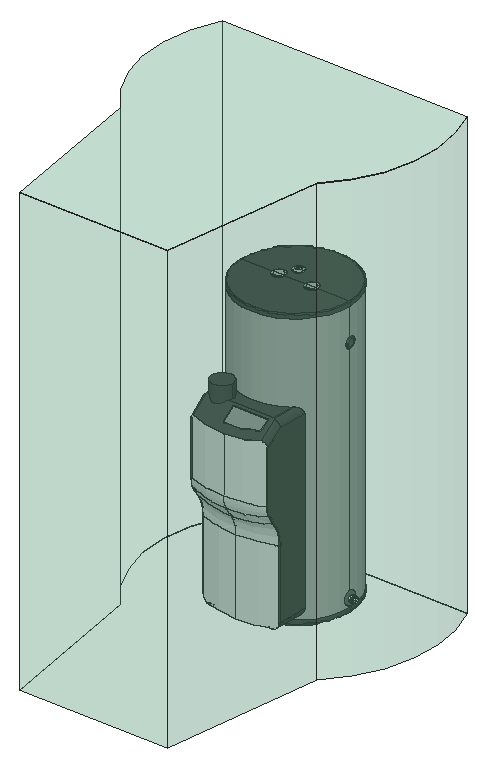
Revit family "Innovo BEFR_IR 32 380 BEFR NAT", category Mechanical Equipment, Revit 2015
Parameters (values of type "IR-32-380 BEFR NAT")
  largeur d'emballage = 786 mm  # constant formula
  l'Intervalle d'Entretien = "12 mois"  # constant formula
  Workspace Radius = Diameter + 170 mm  # 845 mm
  Workspace Height = Hauteur + 1000 mm  # 2745 mm
  Workspace Front Distance = 1000 mm
  Workspace [instance] = yes
  Valve Height 02 = if(and(Hauteur = 1745 mm, Diameter = 675 mm), 1518 mm, if(and(Hauteur = 1745 mm, Diameter = 610 mm), 1534 mm, if(Hauteur = 1545 mm, 1328 mm, 1070 mm)))  # 1518 mm
  Valve Height 01 = if(and(Diameter > 560 mm), 693 mm, 604 mm)  # 693 mm
  Valeur Maximale du Thermostat de Régulation = 85 °C  # constant formula
  Valeur Manimale du Thermostat de Régulation = 40 °C  # constant formula
  Valeur Défaut du Thermostat de Régulation = 65 °C  # constant formula
  URL = "www.aosmith.be"
  Type d'Installation = "B23/C13/C33/C43/C53/C63"  # constant formula
  Type d'emballage = "Carton et bois"  # constant formula
  Tension d'Alimentation (-15%, +10%) = 230 V  # constant formula
  Température Maximale des Fumées = 65 °C
  Temps de réchauffement à ΔT = 70°C = "50"
  Temps de réchauffement à ΔT = 55°C = "39"
  Temps de réchauffement à ΔT = 50°C = "36"
  Temps de réchauffement à ΔT = 44°C = "31"
  Temps de réchauffement à ΔT = 28°C = "20"
  Spécifications du Produit = ""
  Réglages du thermostat du chauffe-eau = 65 °C  # constant formula
  Réglage Standard Pour = "G31"
  Rendement Saisonnier (Hs) = [Rendement (Hs, acc. NEN-EN 89 - 1999)]  # 97
  Rendement (Hs, acc. NEN-EN 89 - 1999) = 97
  Rendement (Hi, acc. NEN-EN 89 - 1999) = 108
  Raccord Évacuation de la Condensation = 40 mm  # constant formula
  Raccord de la Soupape de Vidange = 1"
  Raccord de Sortie d'Eau Chaude = 1"
  Raccord de Gaz = 15"  # constant formula
  Raccord d'Alimentation en Eau Froide = 3/4"  # constant formula
  Raccord Robinet de Vidange = 3/4"  # constant formula
  Puissance Électrique Absorbée (sommet) = 105 W
  Puissance Électrique Absorbée (nominal) = 85 W
  Profondeur d'emballage = 946 mm  # constant formula
  Profondeur = 780 mm  # constant formula
  Profils de soutirage déclaré = "XXL"
  Production Nominale = "30700.0"
  Pression de Fonctionnement Maximale = 800000.0 Pa  # constant formula
  Pression Différentielle d'Ouverture de l'Interrupteur de Pression < = 210.0 Pa
  Pression Amont de Gaz = "3700 Pa"
  Precaustions during assembling, installation or maintenance = "voir Manuel d'installation, d'emploi er d'entretien"  # constant formula
  Poids à vide = 155 kg
  Poids de Transport = 172 kg
  Phase = 1
  Pertes en Veille - tous les jours (24h) = 0 W
  Pertes en Veille = 0 W
  Nombre de modèle du produit (EAN) = "8717449286385"
  Niveau du Son dB (A) = "<45"  # constant formula
  Niveau de puissance acoustique à l'intérieur = "58 dB"
  NOx-émissions mg/kWh = "37"
  NOx-émissions (ven air, 0% O2) ppm = "23"
  Modèdele = "IR-32-380"
  Model = "IR-32-380 FR LP"
  Marque commerciale = "A.O. Smith"  # constant formula
  Manufacturer = "A.O. Smith Water Products Company b.v."  # constant formula
  Largeur = Diameter  # 675 mm
  La commande intelligente = no
  L'efficacité énergétique pour le chauffage de l'eau (2) = "92%"
  L'efficacité énergétique pour le chauffage de l'eau (1) = "90%"
  Hauteur du Raccordement au Gaz = 905 mm
  Hauteur de la Sortie d'eau Chaude = 1745 mm
  Hauteur de l'Alimentation en eau Froide = 170 mm
  Hauteur d'emballage = 1895 mm
  Hauteur Conduit d'Évacuation des Fumées = 1350 mm
  Hauteur Conduit d'Alimentation en Air = 1350 mm
  Hauteur = 1745 mm
  Guide de Produit = ""
  Garantie sur la Cuve = "36 mois"  # constant formula
  Garantie Pièces = "12 mois"  # constant formula
  Fréquence secteur = 50 Hz  # constant formula
  Forctionner qu'en heures creuses = no
  Fabricant No. = "E 7110"  # constant formula
  Epaisseur d'Isolation = 44 mm
  Débit de vidage à ΔT = 70°C après 90 min. = 840.0 L
  Débit de vidage à ΔT = 70°C après 60 min. = 650.0 L
  Débit de vidage à ΔT = 70°C après 30 min. = 460.0 L
  Débit de vidage à ΔT = 70°C après 120 min. = 1100.0 L
  Débit de vidage à ΔT = 55°C après 90 min. = 1100.0 L
  Débit de vidage à ΔT = 55°C après 60 min. = 860.0 L
  Débit de vidage à ΔT = 55°C après 30 min. = 610.0 L
  Débit de vidage à ΔT = 55°C après 120 min. = 1400.0 L
  Débit de vidage à ΔT = 50°C après 90 min. = 1300.0 L
  Débit de vidage à ΔT = 50°C après 60 min. = 950.0 L
  Débit de vidage à ΔT = 50°C après 30 min. = 680.0 L
  Débit de vidage à ΔT = 50°C après 120 min. = 1500.0 L
  Débit de vidage à ΔT = 44°C après 90 min. = 1400.0 L
  Débit de vidage à ΔT = 44°C après 60 min. = 1100.0 L
  Débit de vidage à ΔT = 44°C après 30 min. = 790.0 L
  Débit de vidage à ΔT = 44°C après 120 min. = 1800.0 L
  Débit de vidage à ΔT = 28°C après 90 min. = 2300.0 L
  Débit de vidage à ΔT = 28°C après 60 min. = 1800.0 L
  Débit de vidage à ΔT = 28°C après 30 min. = 1300.0 L
  Débit de vidage à ΔT = 28°C après 120 min. = 2800.0 L
  Débit de vidage en Continu à ΔT = 70°C = 380.0 L/s
  Débit de vidage en Continu à ΔT = 55°C = 480.0 L/s
  Débit de vidage en Continu à ΔT = 50°C = 530.0 L/s
  Débit de vidage en Continu à ΔT = 44°C = 600.0 L/s
  Débit de vidage en Continu à ΔT = 28°C = 960.0 L/s
  Diamètre Cheminée - Système Parallèle = "2x80"  # constant formula
  Diamètre Cheminée - Système Concentrique = "80/125 mm/mm"  # constant formula
  Diamètre Cheminée - Boiler = "80/125 mm/mm"  # constant formula
  Diameter = 675 mm
  Destination / Country = "Belgique"  # constant formula
  Description = "Préparateur ECS Solaire en Combinaison avec Réservoir de Stockage"  # constant formula
  D'autres profils de soutirage = "3XL"
  Created By = "http://www.cadcompany.nl/"
  Consommation de Gaz - Volume ltr/hr = "a/p"
  Consommation de Gaz - Masse kg/h = "2.3"
  Class d'efficacité énergétique (2) = "-"
  Class d'efficacité énergétique (1) = "A"  # constant formula
  Charge Nominale (Valeur Supérieure) = "31500.0"
  Charge Nominale (Valeur Inférieure) = "29000.0"
  Charge Maximale au Sol = 552 kg
  Catégorie de Gaz = "I3P"
  Capacité = 380.0 L
  CO2 Émissions (tol. +/- 1.0) vol% = "10.0"
  CE-PIN = "0063CQ3037"  # constant formula
  BIM Content Developer = "CAD & Company"  # constant formula
  Assembly Code = "D3010"
  Annual fuel consumption (2) = "40 GJ GCV"
  Annual fuel consumption (1) = "21 GJ GCV"
  Annual electricity consumption (2) = "92 kWh"
  Annual electricity consumption (1) = "45 kWh"
  2ème Entretien (Entretien Général) = "12 mois après l'installation"  # constant formula
  1er Entretien (check-up) = "3 mois après l'installation"  # constant formula
Reference planes
  plane 1 "Center (Front/Back)": y = 0
  plane 2: z = 0
  plane 3 "Center (Left/Right)": x = 0
  plane 4 "Pipe": through (-383.901, 912.349, 194.799) normal (-0.0879, -0.0879, 0.9923)
  plane 5 "footing": y = 118.925
  plane 6 "footing front": y = -237.85
  plane 7: x = -337.5
  plane 8: x = 337.5
  plane 9: z = 1745
Forms (mm)
  Revolve 1, solid, material "RAL 9005", detail levels medium+fine
    sketch origin (0, -237.85, 0) x (-1, 0, 0) y (0, 0, 1)
      loop
        line (0, 28.9) -> (-15, 28.9) -> (-15, 26.4) -> (-8.671, 26.4) -> (-8.671, 18) -> (-5.686, 18) -> (-6.626, 17.06) -> (-6.626, 12.06) -> (-8.671, 12.06) -> (-8.671, 10) -> (-10.031, 10) -> (-23.271, 5.181)
        arc (-23.271, 5.181) -> (-23.763, 4.836) -> (-24.017, 4.293) r 1.159
        line (-24.017, 4.293) -> (-24.017, 1.03)
        arc (-24.017, 1.03) -> (-23.715, 0.302) -> (-22.986, 0) r 1.03
        line (-22.986, 0) -> (0, 0) -> (0, 28.9)
      axis (0, 28.9) -> (0, 0)
    angle from 0 to 360
  Revolve 2, solid, material "RAL 9005", detail levels medium+fine
    sketch origin (0, 118.925, 0) x (-1, 0, 0) y (0, 0, 1)
      loop
        line (-238.484, 28.9) -> (-253.484, 28.9) -> (-253.484, 26.4) -> (-247.155, 26.4) -> (-247.155, 18) -> (-244.17, 18) -> (-245.11, 17.06) -> (-245.11, 12.06) -> (-247.155, 12.06) -> (-247.155, 10) -> (-248.515, 10) -> (-261.756, 5.181)
        arc (-261.756, 5.181) -> (-262.247, 4.836) -> (-262.501, 4.293) r 1.159
        line (-262.501, 4.293) -> (-262.501, 1.03)
        arc (-262.501, 1.03) -> (-262.199, 0.302) -> (-261.471, 0) r 1.03
        line (-261.471, 0) -> (-238.484, 0) -> (-238.484, 28.9)
      axis (-238.484, 28.9) -> (-238.484, 0)
    angle from 0 to 360
  Revolve 3, solid, material "RAL 9005", detail levels medium+fine
    sketch origin (0, 118.925, 0) x (-1, 0, 0) y (0, 0, 1)
      loop
        line (236.516, 28.9) -> (221.516, 28.9) -> (221.516, 26.4) -> (227.845, 26.4) -> (227.845, 18) -> (230.83, 18) -> (229.89, 17.06) -> (229.89, 12.06) -> (227.845, 12.06) -> (227.845, 10) -> (226.485, 10) -> (213.244, 5.181)
        arc (213.244, 5.181) -> (212.753, 4.836) -> (212.499, 4.293) r 1.159
        line (212.499, 4.293) -> (212.499, 1.03)
        arc (212.499, 1.03) -> (212.801, 0.302) -> (213.529, 0) r 1.03
        line (213.529, 0) -> (236.516, 0) -> (236.516, 28.9)
      axis (236.516, 28.9) -> (236.516, 0)
    angle from 0 to 360
Lines and regions (mm)
  symbolic lines
    curve 1: line (0, 280.06, 0) -> (0, -280.06, 0)
    curve 2: line (-312.56, 0, 0) -> (312.56, 0, 0)
  symbolic lines, style "Workspace"
    curve 3: line (754.705, 380.06, 0) -> (-754.705, 380.06, 0)
    curve 4: arc (-754.705, 380.06, 0) -> (-842.687, -62.476, 0) -> (-690.406, -487.2, 0) r 845
    curve 5: line (-690.406, -487.2, 0) -> (-454.283, -1552.825, 0)
    curve 6: line (-454.283, -1552.825, 0) -> (456.53, -1552.825, 0)
    curve 7: line (456.53, -1552.825, 0) -> (692.083, -484.816, 0)
    curve 8: arc (692.083, -484.816, 0) -> (842.794, -61.023, 0) -> (754.705, 380.06, 0) r 845
Dimensions and locks
  plane 5 "footing" to plane 1 "Center (Front/Back)" = 118.925 mm
  plane 1 "Center (Front/Back)" to plane 6 "footing front" = 237.85 mm
  "Diameter": plane 7 to plane 8
  equal spacing: plane 7, plane 3 "Center (Left/Right)", plane 8
  "Hauteur": plane 9 to plane 2
  "Workspace Front Distance": curve 6 to nested 3
  "Workspace Radius": radius of curve 4
  "Workspace Radius": radius of curve 8
  aligned and locked: level to plane 2
  aligned and locked: nested 3 to Revolve 1 sketch curve
  aligned and locked: plane 3 "Center (Left/Right)" to Revolve 1 sketch curve
  aligned and locked: nested 3 to plane 1 "Center (Front/Back)"
  aligned and locked: plane 3 "Center (Left/Right)" to nested 3
  aligned and locked: nested 1 to plane 8
  aligned and locked: nested 5 to plane 8
  aligned and locked: nested 2 to plane 7
  aligned and locked: nested 4 to plane 7
  aligned and locked: nested 7 to plane 7
  aligned and locked: nested 8 to plane 3 "Center (Left/Right)"
  aligned and locked: plane 1 "Center (Front/Back)" to nested 8
  aligned and locked: nested 8 to nested 3
  aligned and locked: curve 3 to nested 8
Automatic sketch dimensions
  Revolve 1 sketch curve to level = 0 mm
  plane 3 "Center (Left/Right)" to Revolve 1 sketch curve = 5.686 mm
  Revolve 1 sketch curve to Revolve 1 sketch curve = 0.94 mm  (x2)
  Revolve 1 sketch curve to Revolve 1 sketch curve = 2.046 mm  (x2)
  Revolve 1 sketch curve to Revolve 1 sketch curve = 1.359 mm
  Revolve 1 sketch curve to Revolve 1 sketch curve = 6.329 mm
  level to Revolve 1 sketch curve = 4.091 mm
  Revolve 1 sketch curve to Revolve 1 sketch curve = 12.844 mm
  level to Revolve 1 sketch curve = 1.03 mm
  Revolve 1 sketch curve to Revolve 1 sketch curve = 0.111 mm
  level to Revolve 1 sketch curve = 5.181 mm
  Revolve 1 sketch curve to Revolve 1 sketch curve = 0.745 mm
  level to Revolve 1 sketch curve = 10 mm
  Revolve 1 sketch curve to Revolve 1 sketch curve = 2.06 mm
  Revolve 1 sketch curve to Revolve 1 sketch curve = 5 mm
  Revolve 1 sketch curve to Revolve 1 sketch curve = 8.4 mm
  Revolve 1 sketch curve to Revolve 1 sketch curve = 2.5 mm
  Revolve 1 sketch curve to level = 19.635 mm
  Revolve 1 sketch curve to Revolve 1 sketch curve = 46.465 mm
  Revolve 2 sketch curve to level = 0 mm
  level to Revolve 2 sketch curve = 1.03 mm
  Revolve 2 sketch curve to plane 8 = 74.999 mm
  level to Revolve 2 sketch curve = 5.181 mm
  Revolve 2 sketch curve to Revolve 2 sketch curve = 0.745 mm
  Revolve 2 sketch curve to Revolve 2 sketch curve = 0.397 mm
  Revolve 2 sketch curve to Revolve 2 sketch curve = 8.271 mm
  Revolve 2 sketch curve to Revolve 2 sketch curve = 13.241 mm
  Revolve 2 sketch curve to Revolve 2 sketch curve = 1.359 mm
  Revolve 2 sketch curve to Revolve 2 sketch curve = 6.329 mm
  Revolve 2 sketch curve to Revolve 2 sketch curve = 2.046 mm
  level to Revolve 2 sketch curve = 18 mm
  Revolve 2 sketch curve to Revolve 2 sketch curve = 0.94 mm  (x2)
  Revolve 2 sketch curve to Revolve 2 sketch curve = 8.671 mm
  Revolve 2 sketch curve to Revolve 2 sketch curve = 1.089 mm
  Revolve 2 sketch curve to Revolve 2 sketch curve = 8 mm
  Revolve 2 sketch curve to Revolve 2 sketch curve = 2.06 mm
  Revolve 2 sketch curve to Revolve 2 sketch curve = 8.4 mm
  Revolve 2 sketch curve to Revolve 2 sketch curve = 2.5 mm
  Revolve 2 sketch curve to Revolve 2 sketch curve = 0 mm
  Revolve 2 sketch curve to level = 19.635 mm
  Revolve 2 sketch curve to Revolve 2 sketch curve = 46.465 mm
  Revolve 3 sketch curve to level = 0 mm
  level to Revolve 3 sketch curve = 1.03 mm
  Revolve 3 sketch curve to plane 7 = 125.001 mm
  level to Revolve 3 sketch curve = 5.181 mm
  Revolve 3 sketch curve to Revolve 3 sketch curve = 0.745 mm
  Revolve 3 sketch curve to Revolve 3 sketch curve = 0.397 mm
  Revolve 3 sketch curve to Revolve 3 sketch curve = 8.271 mm
  Revolve 3 sketch curve to Revolve 3 sketch curve = 13.241 mm
  Revolve 3 sketch curve to Revolve 3 sketch curve = 1.359 mm
  Revolve 3 sketch curve to Revolve 3 sketch curve = 6.329 mm
  Revolve 3 sketch curve to Revolve 3 sketch curve = 2.046 mm
  level to Revolve 3 sketch curve = 18 mm
  Revolve 3 sketch curve to Revolve 3 sketch curve = 0.94 mm  (x2)
  Revolve 3 sketch curve to Revolve 3 sketch curve = 8.671 mm
  Revolve 3 sketch curve to Revolve 3 sketch curve = 1.089 mm
  Revolve 3 sketch curve to Revolve 3 sketch curve = 8 mm
  Revolve 3 sketch curve to Revolve 3 sketch curve = 2.06 mm
  Revolve 3 sketch curve to Revolve 3 sketch curve = 8.4 mm
  Revolve 3 sketch curve to Revolve 3 sketch curve = 2.5 mm
  Revolve 3 sketch curve to Revolve 3 sketch curve = 0 mm
  Revolve 3 sketch curve to level = 19.635 mm
  Revolve 3 sketch curve to Revolve 3 sketch curve = 46.465 mm
  curve 4 to curve 8 = 0 mm  (x2)
  plane 1 "Center (Front/Back)" to curve 2 = 0 mm
  curve 1 to plane 3 "Center (Left/Right)" = 0 mm
  plane 1 "Center (Front/Back)" to curve 4 = 0 mm
  curve 4 to plane 3 "Center (Left/Right)" = 0 mm
  curve 5 to plane 6 "footing front" = 249.35 mm
  plane 7 to curve 5 = 116.783 mm
  plane 8 to curve 7 = 119.03 mm
  curve 7 to plane 6 "footing front" = 246.966 mm
  curve 2 to plane 7 = 24.94 mm
  curve 2 to plane 8 = 24.94 mm
  curve 1 to plane 6 "footing front" = 42.21 mm
  plane 5 "footing" to curve 1 = 161.135 mm
Nested families
  nested 1: "Valve" at (337.5, -0.38, 1518) x (0, 1, 0) z (0, 0, 1), built-in parameter 1001364 <- "Valve Height 02", type "Valve"
  nested 2: "Drain Valve" at (-337.5, 0, 1518), built-in parameter 1001364 <- "Valve Height 02", type "Drain Valve"
  nested 3: "Housing Mother Housing S 57 (external)" at (0, -334.886, 0), type "Housing Mother_Housing S_57"
    with radius 337.5 mm, distance to boiler center 189 mm, diameter 675 mm
  nested 4: "Drain Valve" at (-337.5, 0, 177), type "Drain Valve"
  nested 5: "Drain Valve" at (337.5, 0, 107) x (-1, 0, 0) z (0, 0, 1), type "Drain Valve"
  nested 6: "Boiler" at (0, 0, 0), height <- "Hauteur", type "Boiler"
    with height 1745 mm, radius 337.5 mm, Diameter 675 mm
  nested 7: "Drain Valve" at (-337.5, 0, 693), built-in parameter 1001364 <- "Valve Height 01", type "Drain Valve"
  nested 8: "Innovo_workspace" at (0, 0, 0), Workspace <- "Workspace", Workspace Distance Front <- "Workspace Front Distance", Workspace Height <- "Workspace Height", Workspace Radius <- "Workspace Radius", type "Workspace"
    with Workspace Radius 845 mm, Workspace Height 2745 mm, Workspace Distance Front 1000 mm, Workspace yes, Center to Front 552.825 mm
Connectors
  piping at (372.326, 0, 107), diameter 19.05, driven by "Raccord Robinet de Vidange"
    settings: on nested 5, index 1, connector inside diameter 24", connector length 0 mm, flow factor 0, pipe flow 0.0 L/s, pressure drop 0.0 Pa, fitting loss kfactor 0, connector angle 0.00°, fixture units 0, engagement length 0 mm, angle of deflection 0.00°, flow configuration 0, flow direction 0, fitting loss method 0, system type 19, joint type 0, gender type 0, connector reference index -1, connector utility 0, adjustable connector no, is connector primary yes, connector description ""
  hvac at (-147.013, -381.326, 1310.674)
    settings: on nested 3, index 2, duct flow 0.0 L/s, flow factor 0, pres drop 0.0 Pa, loss coef 0, conn angle 0.00°, conn width 304.8 mm, conn height 304.8 mm, conn diameter 125 mm, duct sys type 4, conn prof type 0, flow config 0, flow direction 0, loss method 0, conn ref index -1, conn util no, is conn primary yes, conn desc ""
Definition of nested family "Valve"
  Parameters (values of type "Valve")
    Type Comments = "T&P valve (internal)"
    Manufacturer = "A.O. Smith"
  Reference planes
    plane 1 "Center (Front/Back)": y = 0
    plane 2: z = 0
    plane 3 "Center (Left/Right)": x = 0
  Forms (mm)
    Extrusion 1, solid, detail levels fine
      sketch origin (0, 0, 0) x (1, 0, 0) y (0, 0, 1)
        loop
          circle (0, 0) r 31.5
      from -2.271 to 1.4
    Sweep 2, solid, detail levels fine
      path origin (0, -1.4, 0) x (1, 0, 0) y (0, 0, 1)
        loop
          circle (0, 0) r 31.5
      profile origin (0, -1.4, 31.5) x (0, 0, -1) y (0, -1, 0)
        loop
          line (7.3, 0) -> (7.3, 3) -> (0, 0) -> (7.3, 0)
  Dimensions and locks
    aligned and locked: level to plane 2
Definition of nested family "Drain Valve"
  Reference planes
    plane 1 "Center (Front/Back)": y = 0
    plane 2: z = 0
    plane 3 "Center (Left/Right)": x = 0
  Forms (mm)
    Revolve 1, solid, detail levels medium+fine
      sketch origin (0, 0, 0) x (1, 0, 0) y (0, 0, 1)
        loop
          line (-33.442, 15.696) -> (-34.826, 14.329) -> (-34.93, 12.731) -> (-16.555, 12.731) -> (-16.555, 0) -> (15.787, 0) -> (15.787, 18.3) -> (-14.4, 18.3) -> (-17.148, 15.533) -> (-18.729, 16.697) -> (-20.091, 15.333) -> (-21.672, 16.496) -> (-23.034, 15.133) -> (-24.614, 16.296) -> (-25.976, 14.932) -> (-27.557, 16.096) -> (-28.919, 14.732) -> (-30.5, 15.896) -> (-31.862, 14.532) -> (-33.442, 15.696)
        axis (-34.93, 0) -> (15.787, 0)
      angle from 0 to 360
  Dimensions and locks
    aligned and locked: level to plane 2
  Nested families
    nested 1: "Rubber sealing" at (2.592, -0.155, 0) x (0.0023, -1, 0) z (0, 0, 1), type "Rubber sealing", detail levels fine
  Definition of nested family "Rubber sealing"
    Reference planes
      plane 1 "Center (Front/Back)": y = 0
      plane 2: z = 0
      plane 3 "Center (Left/Right)": x = 0
    Forms (mm)
      Extrusion 1, solid, detail levels fine
        sketch origin (141.861, 319.581, 0) x (1, 0, 0) y (0, 1, 0)
          loop
            line (-216.354, -311.898) -> (-216.354, -313.94)
            arc (-216.354, -313.94) -> (-141.602, -321.581) -> (-66.861, -313.835) r 366.966
            line (-66.861, -313.835) -> (-66.861, -311.791)
            arc (-66.861, -311.791) -> (-141.602, -319.581) -> (-216.354, -311.898) r 364.966
        from -80 to 80
      Extrusion 2, void
        sketch origin (141.861, 319.581, 0) x (1, 0, 0) y (0, 0, 1)
          loop
            circle (-141.861, 0) r 13
          loop
            circle (-141.861, 0) r 110
          loop
            circle (-141.861, 0) r 40
        from 311.563 to 332.684
      Extrusion 3, void
        sketch origin (141.861, 319.581, 0) x (1, 0, 0) y (0, 0, 1)
          loop
            circle (-141.861, 0) r 18.25
        from 315.524 to 326.084
    Cuts and joins
      Extrusion 2, Extrusion 3 cuts Extrusion 1
    Dimensions and locks
      aligned and locked: level to plane 2
Definition of nested family "Housing Mother Housing S 57 (external)"
  Parameters (values of type "Housing Mother_Housing S_57")
    radius [instance] = 280 mm
    distance to boiler center = if(diameter = 675 mm, 189 mm, if(diameter = 610 mm, 154 mm, 129 mm))  # 129 mm
    diameter = 560 mm
  Reference planes
    plane 1 "Center (Front/Back)": y = 0
    plane 2: z = 0
    plane 3 "Center (Left/Right)": x = 0
    plane 4 "left": through (-245.286, 145.886, 1200) normal (0.9994, 0.0349, 0)
    plane 5: y = -217.939
    plane 6: y = 145.886
    plane 7: z = 1232.6
    plane 8: z = 65.89
    plane 9 "right": through (245.286, 145.886, 1200) normal (0.9994, -0.0349, 0)
    plane 10 "display": through (0, -90.37, 1221.196) normal (0, -0.5736, 0.8192)
    plane 11 "Potentiostat": z = 867.899
    plane 12 "boiler center": y = 274.886
    plane 13: x = -280
    plane 14: x = 280
  Forms (mm)
    Extrusion 1, solid
      sketch origin (0, 0, 0) x (1, 0, 0) y (0, 1, 0)
        loop
          line (-245.286, 145.886) -> (-232.581, -217.939) -> (232.581, -217.939) -> (245.286, 145.886)
          arc (245.286, 145.886) -> (0, 0.923) -> (-245.286, 145.886) r 280
      from 0 to 1232.6
    Sweep 2, void
      path origin (0, 0, 0) x (0, 1, 0) y (0, 0, 1)
        loop
          line (-217.939, 1232.6) -> (-217.939, 795.555)
          arc (-217.939, 795.555) -> (-212.387, 754.285) -> (-197.694, 715.322) r 183.924
          arc (-197.694, 715.322) -> (-179.915, 684.628) -> (-159.106, 655.901) r 348.284
          arc (-159.106, 655.901) -> (-131.411, 600.328) -> (-121.88, 538.973) r 202.254
          line (-121.88, 538.973) -> (-121.88, 61.106)
      profile origin (0, -217.939, 1014.077) x (1, 0, 0) y (0, 1, 0)
        loop
          arc (0, 0) -> (-117.533, 9.941) -> (-231.728, 39.475) r 699.984
          arc (-231.728, 39.475) -> (-233.391, 40.705) -> (-234.07, 42.659) r 3.505
          line (-234.07, 42.659) -> (-254.062, 42.659) -> (-254.062, -142.593) -> (254.07, -142.593) -> (254.07, 42.659) -> (234.07, 42.659)
          arc (234.07, 42.659) -> (233.391, 40.705) -> (231.728, 39.475) r 3.505
          arc (231.728, 39.475) -> (117.533, 9.941) -> (0, 0) r 699.984
    Extrusion 3, void
      sketch origin (0, 0, 0) x (0, 1, 0) y (0, 0, 1)
        loop
          arc (102.864, 70.869) -> (99.804, 70.709) -> (96.874, 69.813) r 12.57
          arc (96.874, 69.813) -> (87.878, 66.533) -> (78.516, 64.529) r 69.114
          arc (78.516, 64.529) -> (76.41, 64.284) -> (74.294, 64.148) r 41.206
          arc (74.294, 64.148) -> (65.203, 64.335) -> (56.122, 64.782) r 318.661
          arc (56.122, 64.782) -> (30.585, 66.179) -> (5.028, 67.128) r 1456.581
          line (5.028, 67.128) -> (-84.534, 73.135)
          arc (-84.534, 73.135) -> (-86.363, 73.808) -> (-87.536, 75.365) r 3.455
          line (-87.536, 75.365) -> (-264.473, 75.365) -> (-264.473, 0) -> (160.886, 0) -> (160.886, 103.945) -> (145.886, 103.945)
          arc (145.886, 103.945) -> (145.104, 97.827) -> (142.923, 92.059) r 26.364
          arc (142.923, 92.059) -> (141.067, 88.936) -> (138.867, 86.045) r 31.715
          arc (138.867, 86.045) -> (135.576, 82.49) -> (132.021, 79.2) r 62.615
          arc (132.021, 79.2) -> (125.841, 74.697) -> (119.091, 71.103) r 54.444
          arc (119.091, 71.103) -> (116.371, 70.272) -> (113.531, 70.123) r 11.669
          line (113.531, 70.123) -> (102.864, 70.869)
      from -254.062 to 254.07
    Sweep 4, void
      path origin (0, 0, 0) x (1, 0, 0) y (0, 1, 0)
        loop
          line (-245.286, 145.886) -> (-232.581, -217.939)
      profile origin (-238.933, -36.027, 0) x (0.999391, 0.034899, 0) y (0, 0, 1)
        loop
          line (-4.454, 0) -> (47.084, 0) -> (47.084, 73.431)
          arc (47.084, 73.431) -> (14.222, 85.134) -> (0.255, 117.1) r 43.922
          line (0.255, 117.1) -> (-4.454, 117.1) -> (-4.454, 0)
    Sweep 5, void
      path origin (0, 0, 0) x (-1, 0, 0) y (0, 1, 0)
        loop
          line (-245.286, 145.886) -> (-232.581, -217.939)
      profile origin (238.933, -36.027, 0) x (0.999391, -0.034899, 0) y (0, 0, 1)
        loop
          line (4.454, 0) -> (4.454, 117.1) -> (-0.255, 117.1)
          arc (-0.255, 117.1) -> (-14.222, 85.134) -> (-47.084, 73.431) r 43.922
          line (-47.084, 73.431) -> (-47.084, 0) -> (4.454, 0)
    Sweep 6, void
      path origin (-239.899, -8.377, 0) x (-0.034899, 0.999391, 0) y (0, 0, 1)
        loop
          line (-209.69, 1141.272) -> (-79.18, 1232.6) -> (154.358, 1232.6)
      profile origin (-241.211, 29.188, 1232.6) x (0, 0, 1) y (0.999391, 0.034899, 0)
        loop
          line (-45, -30) -> (75, -30) -> (75, 0) -> (75, 55) -> (2.799, 55) -> (-1.253, 35.128)
          arc (-1.253, 35.128) -> (-16.771, 9.564) -> (-45, -0.308) r 44.287
          line (-45, -0.308) -> (-45, -30)
    Sweep 7, void
      path origin (239.899, -8.377, 0) x (0.034899, 0.999391, 0) y (0, 0, 1)
        loop
          line (-209.69, 1141.272) -> (-79.18, 1232.6) -> (154.358, 1232.6)
      profile origin (241.211, 29.188, 1232.6) x (0, 0, -1) y (-0.999391, 0.034899, 0)
        loop
          line (-75, -25) -> (45, -25) -> (45, -0.308)
          arc (45, -0.308) -> (16.771, 9.564) -> (1.253, 35.128) r 44.287
          line (1.253, 35.128) -> (-2.799, 55) -> (-75, 55) -> (-75, -25)
    Extrusion 8, void
      sketch origin (0, 0, 0) x (0, 1, 0) y (0, 0, 1)
        loop
          line (-270, 1336.099) -> (-270, 1099.081) -> (68.497, 1336.099) -> (-270, 1336.099)
      from -425.038 to 444.42
    Extrusion 9, solid, detail levels medium+fine
      sketch origin (0, 0, 0) x (1, 0, 0) y (0, 1, 0)
        loop
          circle (-147.013, -46.44) r 65
      from 1163.174 to 1310.674
    Extrusion 10, void
      sketch origin (0, -603.506, 861.895) x (0, 0.819152, 0.573576) y (-1, 0, 0)
        loop
          arc (618.322, -173) -> (623.272, -170.95) -> (625.322, -166) r 7
          line (625.322, -166) -> (625.322, 35)
          arc (625.322, 35) -> (623.272, 39.95) -> (618.322, 42) r 7
          line (618.322, 42) -> (535.473, 42)
          arc (535.473, 42) -> (530.688, 40.11) -> (528.488, 35.46) r 7
          arc (528.488, 35.46) -> (531.569, -67.592) -> (554.18, -168.18) r 540
          arc (554.18, -168.18) -> (556.724, -171.668) -> (560.831, -173) r 7
          line (560.831, -173) -> (618.322, -173)
      from 0 to 137.286
    Sweep 11, solid, detail levels fine
      path origin (0, 0, 867.899) x (-1, 0, 0) y (0, -1, 0)
        loop
          line (309.749, -35.617) -> (204.371, -35.617)
          arc (204.371, -35.617) -> (196.509, -34.687) -> (189.082, -31.947) r 33.677
          line (189.082, -31.947) -> (-9.574, 69.274)
      profile origin (-257.06, 35.617, 867.899) x (0, 1, 0) y (0, 0, 1)
        loop
          circle (0, 0) r 7.316
        loop
          circle (0, 0) r 6.465
    Revolve 12, void
      sketch origin (0, 274.886, 0) x (-1, 0, 0) y (0, 0, 1)
        loop
          line (280, 1243.838) -> (0, 1243.838) -> (0, 54.9) -> (280, 54.9) -> (280, 1243.838)
        axis (0, 1243.838) -> (0, 54.9)
      angle from 0 to 360
  Cuts and joins
    Sweep 2, Extrusion 3, Sweep 4, Sweep 5, Sweep 6, Sweep 7, Extrusion 8, Extrusion 10, Revolve 12 cuts Extrusion 1
  Dimensions and locks
    plane 8 to plane 2 = 65.89 mm
    plane 7 to plane 8 = 1166.71 mm
    "distance to boiler center": plane 12 "boiler center" to plane 6
    "diameter": plane 14 to plane 13
    equal spacing: plane 14, plane 3 "Center (Left/Right)", plane 13
    "radius": plane 3 "Center (Left/Right)" to plane 13
    aligned and locked: level to plane 2
    aligned and locked: Extrusion 1 to plane 7
    aligned and locked: Extrusion 1 sketch curve to plane 5
    aligned and locked: Sweep 2 to Extrusion 3
    aligned and locked: Extrusion 3 to Sweep 2  (x2)
    aligned and locked: plane 7 to Sweep 2 sketch curve
    aligned and locked: plane 3 "Center (Left/Right)" to Revolve 12 sketch curve
    aligned and locked: Revolve 12 sketch curve to plane 3 "Center (Left/Right)"
    aligned and locked: plane 13 to Revolve 12 sketch curve
  Automatic sketch dimensions
    Extrusion 1 sketch curve to plane 4 "left" = 0 mm  (x2)
    Extrusion 1 sketch curve to plane 6 = 0 mm  (x2)
    Extrusion 1 sketch curve to plane 3 "Center (Left/Right)" = 0 mm
    Extrusion 1 sketch curve to plane 9 "right" = 0 mm
    plane 6 to Extrusion 1 sketch curve = 135.037 mm
    Sweep 2 sketch curve to plane 5 = 0 mm
    plane 5 to Sweep 2 sketch curve = 106.195 mm
    Sweep 2 sketch curve to plane 5 = 96.059 mm
    plane 1 "Center (Front/Back)" to Sweep 2 sketch curve = 34.053 mm
    plane 11 "Potentiostat" to Sweep 2 sketch curve = 6.417 mm
    Sweep 2 sketch curve to plane 6 = 33.705 mm
    Sweep 2 sketch curve to plane 11 "Potentiostat" = 68.615 mm
    Sweep 2 sketch curve to plane 11 "Potentiostat" = 72.345 mm
    Sweep 2 sketch curve to Sweep 2 sketch curve = 176.349 mm
    Sweep 2 sketch curve to Sweep 2 sketch curve = 0 mm  (x2)
    plane 8 to Sweep 2 sketch curve = 4.784 mm
    Extrusion 3 sketch curve to level = 0 mm
    Extrusion 3 sketch curve to plane 6 = 0 mm
    Extrusion 3 sketch curve to plane 6 = 26.363 mm
    Extrusion 3 sketch curve to Extrusion 3 sketch curve = 4.75 mm
    Extrusion 3 sketch curve to Extrusion 3 sketch curve = 5.179 mm
    Extrusion 3 sketch curve to plane 8 = 4.232 mm
    Extrusion 3 sketch curve to Extrusion 3 sketch curve = 0.814 mm
    Extrusion 3 sketch curve to plane 8 = 4.978 mm
    Extrusion 3 sketch curve to Extrusion 3 sketch curve = 10.667 mm
    Extrusion 3 sketch curve to Extrusion 3 sketch curve = 0.877 mm
    Extrusion 3 sketch curve to Extrusion 3 sketch curve = 17.827 mm
    Extrusion 3 sketch curve to Extrusion 3 sketch curve = 5.646 mm
    Extrusion 3 sketch curve to plane 6 = 69.562 mm
    Extrusion 3 sketch curve to Extrusion 3 sketch curve = 18.6 mm
    Extrusion 3 sketch curve to Extrusion 3 sketch curve = 22.538 mm
    Extrusion 3 sketch curve to plane 8 = 1.238 mm
    Extrusion 3 sketch curve to plane 1 "Center (Front/Back)" = 5.028 mm
    plane 1 "Center (Front/Back)" to Extrusion 3 sketch curve = 36.224 mm
    Extrusion 3 sketch curve to plane 8 = 10.692 mm
    plane 1 "Center (Front/Back)" to Extrusion 3 sketch curve = 84.302 mm
    Extrusion 3 sketch curve to plane 8 = 7.244 mm
    Extrusion 3 sketch curve to Extrusion 3 sketch curve = 0.231 mm
    Extrusion 3 sketch curve to Extrusion 3 sketch curve = 3.234 mm
    plane 5 to Extrusion 3 sketch curve = 46.534 mm
    plane 6 to Extrusion 3 sketch curve = 15 mm
    Extrusion 3 sketch curve to level = 1388.869 mm
    plane 8 to Extrusion 3 sketch curve = 7.561 mm
    Extrusion 3 sketch curve to Extrusion 3 sketch curve = 11.64 mm
    Extrusion 3 sketch curve to plane 8 = 38.054 mm
    Extrusion 3 sketch curve to Extrusion 3 sketch curve = 22.442 mm
    Extrusion 3 sketch curve to plane 8 = 39.432 mm
    Extrusion 3 sketch curve to Extrusion 3 sketch curve = 2.466 mm
    Extrusion 3 sketch curve to Extrusion 3 sketch curve = 14.17 mm
    Extrusion 3 sketch curve to Extrusion 3 sketch curve = 5.925 mm
    Extrusion 3 sketch curve to Extrusion 3 sketch curve = 6.186 mm
    Extrusion 3 sketch curve to Extrusion 3 sketch curve = 249.85 mm
    Extrusion 3 sketch curve to Extrusion 3 sketch curve = 0 mm  (x4)
    Extrusion 3 sketch curve to Extrusion 3 sketch curve = 6.845 mm
    plane 8 to Extrusion 3 sketch curve = 1.743 mm
    Sweep 4 sketch curve to plane 4 "left" = 0 mm  (x2)
    Sweep 4 sketch curve to plane 6 = 0 mm
    plane 5 to Sweep 4 sketch curve = 0 mm
    Sweep 4 sketch curve to level = 0 mm
    profile plane to Sweep 4 sketch curve = 4.454 mm
    Sweep 4 sketch curve to profile plane = 0.255 mm
    Sweep 4 sketch curve to Sweep 4 sketch curve = 43.922 mm
    Sweep 4 sketch curve to profile plane = 47.084 mm
    level to Sweep 4 sketch curve = 73.431 mm
    Sweep 4 sketch curve to Sweep 4 sketch curve = 43.669 mm
    Sweep 5 sketch curve to plane 6 = 0 mm
    Sweep 5 sketch curve to plane 9 "right" = 0 mm  (x2)
    plane 5 to Sweep 5 sketch curve = 0 mm
    Sweep 5 sketch curve to level = 0 mm
    profile plane to Sweep 5 sketch curve = 47.084 mm
    Sweep 5 sketch curve to Sweep 5 sketch curve = 2.907 mm
    profile plane to Sweep 5 sketch curve = 0.255 mm
    Sweep 5 sketch curve to profile plane = 4.454 mm
    level to Sweep 5 sketch curve = 73.431 mm
    Sweep 5 sketch curve to Sweep 5 sketch curve = 43.669 mm
    Sweep 6 sketch curve to plane 7 = 0 mm
    plane 7 to Sweep 6 sketch curve = 91.328 mm
    Sweep 6 sketch curve to Sweep 6 sketch curve = 130.509 mm
    Sweep 6 sketch curve to Sweep 6 sketch curve = 233.538 mm
    Sweep 6 sketch curve to plane 4 "left" = 0 mm
    profile plane to Sweep 6 sketch curve = 45 mm
    Sweep 6 sketch curve to Sweep 6 sketch curve = 0.354 mm
    profile plane to Sweep 6 sketch curve = 1.253 mm
    Sweep 6 sketch curve to profile plane = 2.799 mm
    Sweep 6 sketch curve to Sweep 6 sketch curve = 72.201 mm
    Sweep 6 sketch curve to plane 4 "left" = 0.308 mm
    Sweep 6 sketch curve to Sweep 6 sketch curve = 29.692 mm
    plane 4 "left" to Sweep 6 sketch curve = 35.128 mm
    plane 4 "left" to Sweep 6 sketch curve = 55 mm
    Sweep 7 sketch curve to plane 7 = 0 mm
    Sweep 7 sketch curve to plane 7 = 91.328 mm
    Sweep 7 sketch curve to Sweep 7 sketch curve = 130.509 mm
    Sweep 7 sketch curve to Sweep 7 sketch curve = 233.538 mm
    Sweep 7 sketch curve to plane 9 "right" = 25 mm
    profile plane to Sweep 7 sketch curve = 75 mm
    profile plane to Sweep 7 sketch curve = 2.799 mm
    Sweep 7 sketch curve to profile plane = 1.253 mm
    Sweep 7 sketch curve to Sweep 7 sketch curve = 43.393 mm
    Sweep 7 sketch curve to profile plane = 45 mm
    Sweep 7 sketch curve to plane 9 "right" = 0.308 mm
    plane 9 "right" to Sweep 7 sketch curve = 35.128 mm
    Sweep 7 sketch curve to Sweep 7 sketch curve = 19.872 mm
    plane 5 to Extrusion 8 sketch curve = 52.061 mm
    Extrusion 8 sketch curve to plane 1 "Center (Front/Back)" = 68.497 mm
    plane 7 to Extrusion 8 sketch curve = 133.519 mm
    Extrusion 8 sketch curve to plane 7 = 103.499 mm
    plane 1 "Center (Front/Back)" to Extrusion 9 sketch curve = 46.44 mm
    Extrusion 9 sketch curve to plane 3 "Center (Left/Right)" = 147.013 mm
    Extrusion 10 sketch curve to plane 3 "Center (Left/Right)" = 0 mm
    Extrusion 10 sketch curve to plane 3 "Center (Left/Right)" = 35 mm
    Extrusion 10 sketch curve to Extrusion 10 sketch curve = 25.359 mm
    Extrusion 10 sketch curve to Extrusion 10 sketch curve = 57.491 mm
    Extrusion 10 sketch curve to plane 3 "Center (Left/Right)" = 42 mm
    Extrusion 10 sketch curve to Extrusion 10 sketch curve = 82.85 mm
    Extrusion 10 sketch curve to Extrusion 10 sketch curve = 7 mm
    Extrusion 10 sketch curve to Extrusion 10 sketch curve = 442 mm
    plane 3 "Center (Left/Right)" to Extrusion 10 sketch curve = 166 mm
    Extrusion 10 sketch curve to Extrusion 10 sketch curve = 0 mm  (x2)
    Sweep 11 sketch curve to plane 1 "Center (Front/Back)" = 31.947 mm
    Sweep 11 sketch curve to plane 3 "Center (Left/Right)" = 189.082 mm
    Sweep 11 sketch curve to plane 1 "Center (Front/Back)" = 1.94 mm
    Sweep 11 sketch curve to Sweep 11 sketch curve = 15.289 mm
    plane 3 "Center (Left/Right)" to Sweep 11 sketch curve = 9.574 mm
    Sweep 11 sketch curve to Sweep 11 sketch curve = 105.378 mm
    plane 1 "Center (Front/Back)" to Sweep 11 sketch curve = 69.274 mm
    Sweep 11 sketch curve to Sweep 11 sketch curve = 0 mm  (x2)
    Sweep 11 sketch curve to plane 11 "Potentiostat" = 0 mm
    Sweep 11 sketch curve to profile plane = 0 mm
    plane 8 to Revolve 12 sketch curve = 10.99 mm
    Revolve 12 sketch curve to plane 7 = 11.238 mm
    Revolve 12 sketch curve to level = 366.045 mm
    Revolve 12 sketch curve to Revolve 12 sketch curve = 971.917 mm
    Sweep 2 sketch curve to plane 3 "Center (Left/Right)" = 0 mm
    profile plane to Sweep 2 sketch curve = 0 mm
    Sweep 2 sketch curve to plane 3 "Center (Left/Right)" = 0.016 mm
    Sweep 2 sketch curve to profile plane = 42.782 mm  (x2)
    Sweep 2 sketch curve to plane 3 "Center (Left/Right)" = 230.568 mm
    plane 3 "Center (Left/Right)" to Sweep 2 sketch curve = 0.016 mm
    plane 3 "Center (Left/Right)" to Sweep 2 sketch curve = 230.568 mm
    Sweep 2 sketch curve to Sweep 2 sketch curve = 3.502 mm  (x2)
    Sweep 2 sketch curve to Sweep 2 sketch curve = 20 mm
    profile plane to Sweep 2 sketch curve = 142.593 mm
    Sweep 2 sketch curve to Sweep 2 sketch curve = 0.122 mm  (x2)
    Sweep 2 sketch curve to Sweep 2 sketch curve = 657.203 mm
    Sweep 2 sketch curve to Sweep 2 sketch curve = 19.991 mm
    radius of Extrusion 9 sketch curve = 65 mm
    radius of Sweep 11 sketch curve = 7.316 mm
    radius of Sweep 11 sketch curve = 6.465 mm
  Nested families
    nested 1: "display" at (65.5, -130.939, 1192.79) x (-1, 0, 0) z (0, -0.5736, 0.8192), type "display"
  Definition of nested family "display"
    Parameters (values of type "display")
      Default Elevation = 1219.2 mm
    Reference planes
      plane 1 "Center (Front/Back)": y = 0
      plane 2: z = 0
      plane 3 "Center (Left/Right)": x = 0
    Forms (mm)
      Extrusion 1, solid, detail levels medium+fine
        sketch origin (-16.958, 11.842, -343.878) x (1, 0, 0) y (0, 0, -1)
          loop
            line (-233.523, -343.878) -> (-233.523, -346.592) -> (332.686, -346.592) -> (332.686, -343.878) -> (-233.523, -343.878)
        from -228.7 to 150.822
      Extrusion 2, void
        sketch origin (-16.958, 6.842, -343.878) x (1, 0, 0) y (0, 1, 0)
          loop
            line (-233.523, 155.822) -> (-233.523, -223.7) -> (332.686, -223.7) -> (332.686, 155.822) -> (-233.523, 155.822)
          loop
            arc (-90.542, -48.267) -> (-88.492, -53.216) -> (-83.542, -55.267) r 7
            line (-83.542, -55.267) -> (117.458, -55.267)
            arc (117.458, -55.267) -> (122.408, -53.216) -> (124.458, -48.267) r 7
            line (124.458, -48.267) -> (124.458, 34.583)
            arc (124.458, 34.583) -> (122.568, 39.368) -> (117.918, 41.568) r 7
            arc (117.918, 41.568) -> (14.866, 38.487) -> (-85.722, 15.876) r 540
            arc (-85.722, 15.876) -> (-89.21, 13.332) -> (-90.542, 9.224) r 7
            line (-90.542, 9.224) -> (-90.542, -48.267)
        from 328.878 to 363.083
    Cuts and joins
      Extrusion 2 cuts Extrusion 1
    Dimensions and locks
      aligned and locked: level to plane 2
Definition of nested family "Boiler"
  Parameters (values of type "Boiler")
    radius [instance] = 280 mm
    height [instance] = 1270 mm
    Diameter = 560 mm
  Reference planes
    plane 1 "Center (Front/Back)": y = 0
    plane 2: z = 0
    plane 3 "Center (Left/Right)": x = 0
    plane 4: z = 1243.838
    plane 5: z = 1270
    plane 6 "bottom": z = 28.9
    plane 7: z = 54.9
    plane 8 "top controle": y = 88
    plane 9: x = -280
    plane 10: x = 280
  Forms (mm)
    Revolve 1, solid
      sketch origin (0, 0, 0) x (1, 0, 0) y (0, 0, 1)
        loop
          line (0, 54.9) -> (-280, 54.9) -> (-280, 32.9)
          arc (-280, 32.9) -> (-278.828, 30.072) -> (-276, 28.9) r 4
          line (-276, 28.9) -> (0, 28.9) -> (0, 54.9)
        axis (0, 28.9) -> (0, 54.9)
      angle from 0 to 360
    Revolve 2, solid
      sketch origin (1.311, 0, 0) x (1, 0, 0) y (0, 0, 1)
        loop
          line (-278.86, 1243.838) -> (-278.86, 54.9) -> (-1.311, 54.9) -> (-1.311, 1243.838) -> (-278.86, 1243.838)
        axis (-1.311, 1243.838) -> (-1.311, 54.9)
      angle from 0 to 360
    Revolve 3, solid
      sketch origin (-9.205, 0, 377.212) x (-1, 0, 0) y (0, 0, 1)
        loop
          line (-148.904, 892.788) -> (-110.805, 892.788) -> (-110.805, 895.963) -> (-141.883, 895.963) -> (-148.904, 893.62) -> (-148.904, 892.788)
        axis (-110.805, 892.788) -> (-110.805, 895.963)
      angle from 0 to 360
    Revolve 4, solid
      sketch origin (0, 0, 718.065) x (1, 0, 0) y (0, 0, -1)
        loop
          line (0, -525.773) -> (-280, -525.773) -> (-280, -547.935)
          arc (-280, -547.935) -> (-278.828, -550.763) -> (-276, -551.935) r 4
          line (-276, -551.935) -> (0, -551.935) -> (0, -525.773)
        axis (0, -551.935) -> (0, -525.773)
      angle from 0 to 360
    Revolve 5, solid
      sketch origin (0, 88, 0) x (1, 0, 0) y (0, 0, 1)
        loop
          line (-19.051, 1270) -> (-19.051, 1271.074) -> (-32.63, 1275.604) -> (-32.63, 1271.117) -> (-37.266, 1271.117) -> (-38.383, 1270) -> (-19.051, 1270)
        axis (-50.8, 1270) -> (-50.8, 1275.604)
      angle from 0 to 360
    Revolve 6, solid
      sketch origin (-217.12, 0, 372.245) x (-1, 0, 0) y (0, 0, 1)
        loop
          line (-153.622, 897.755) -> (-115.52, 897.755) -> (-115.52, 900.93) -> (-146.626, 900.93) -> (-153.622, 898.596) -> (-153.622, 897.755)
        axis (-115.52, 897.755) -> (-115.52, 900.93)
      angle from 0 to 360
  Dimensions and locks
    "height": plane 5 to plane 2
    plane 6 "bottom" to plane 2 = 28.9 mm
    locked: plane 5 to plane 4 at 26.162
    locked: plane 1 "Center (Front/Back)" to plane 8 "top controle" at 88
    "Diameter": plane 10 to plane 9
    equal spacing: plane 10, plane 3 "Center (Left/Right)", plane 9
    "radius": plane 3 "Center (Left/Right)" to plane 9
    locked: plane 9 to Revolve 2 sketch curve at 2.452
    aligned and locked: level to plane 2
    aligned and locked: Revolve 2 sketch curve to plane 7
    aligned and locked: Revolve 2 sketch curve to plane 4
    aligned and locked: Revolve 1 sketch curve to plane 7
    aligned and locked: plane 6 "bottom" to Revolve 1 sketch curve
    aligned and locked: Revolve 4 sketch curve to plane 3 "Center (Left/Right)"
    aligned and locked: plane 5 to Revolve 4 sketch curve
    aligned and locked: Revolve 4 sketch curve to plane 4
    aligned and locked: plane 9 to Revolve 4 sketch curve
    aligned and locked: Revolve 1 sketch curve to plane 9
    aligned and locked: Revolve 2 sketch curve to plane 3 "Center (Left/Right)"
    aligned and locked: plane 3 "Center (Left/Right)" to Revolve 2 sketch curve
  Automatic sketch dimensions
    Revolve 1 sketch curve to plane 3 "Center (Left/Right)" = 0 mm  (x2)
    Revolve 1 sketch curve to Revolve 1 sketch curve = 4 mm
    Revolve 1 sketch curve to level = 40 mm
    Revolve 1 sketch curve to Revolve 1 sketch curve = 305.1 mm
    Revolve 2 sketch curve to level = 366.045 mm
    Revolve 2 sketch curve to plane 5 = 945.755 mm
    Revolve 3 sketch curve to plane 5 = 0 mm
    Revolve 3 sketch curve to plane 3 "Center (Left/Right)" = 139.699 mm
    plane 5 to Revolve 3 sketch curve = 3.175 mm
    Revolve 3 sketch curve to Revolve 3 sketch curve = 7.022 mm
    Revolve 3 sketch curve to Revolve 3 sketch curve = 31.078 mm
    Revolve 3 sketch curve to Revolve 3 sketch curve = 0.832 mm
    Revolve 3 sketch curve to Revolve 3 sketch curve = 0 mm
    Revolve 3 sketch curve to Revolve 3 sketch curve = 2.338 mm
    Revolve 3 sketch curve to Revolve 3 sketch curve = 4.487 mm
    Revolve 4 sketch curve to plane 3 "Center (Left/Right)" = 0 mm
    Revolve 4 sketch curve to Revolve 4 sketch curve = 4 mm
    Revolve 4 sketch curve to Revolve 4 sketch curve = 68.738 mm
    Revolve 4 sketch curve to Revolve 4 sketch curve = 305.1 mm
    Revolve 6 sketch curve to plane 5 = 0 mm
    plane 3 "Center (Left/Right)" to Revolve 6 sketch curve = 63.497 mm
    plane 5 to Revolve 6 sketch curve = 3.175 mm
    Revolve 6 sketch curve to Revolve 6 sketch curve = 6.997 mm
    Revolve 6 sketch curve to Revolve 6 sketch curve = 31.106 mm
    Revolve 6 sketch curve to Revolve 6 sketch curve = 0.84 mm
    Revolve 6 sketch curve to Revolve 6 sketch curve = 0 mm
    Revolve 6 sketch curve to Revolve 6 sketch curve = 7.216 mm
    Revolve 6 sketch curve to Revolve 6 sketch curve = 0.391 mm
    Revolve 5 sketch curve to Revolve 5 sketch curve = 13.578 mm
    Revolve 5 sketch curve to Revolve 5 sketch curve = 1.074 mm
    Revolve 5 sketch curve to Revolve 5 sketch curve = 12.417 mm
    Revolve 5 sketch curve to Revolve 5 sketch curve = 5.753 mm
    Revolve 5 sketch curve to plane 5 = 1.117 mm
    Revolve 5 sketch curve to Revolve 5 sketch curve = 1.117 mm
    plane 5 to Revolve 5 sketch curve = 4.396 mm
    Revolve 5 sketch curve to plane 5 = 0 mm
    Revolve 5 sketch curve to Revolve 5 sketch curve = 4.487 mm
    Revolve 5 sketch curve to plane 3 "Center (Left/Right)" = 38.383 mm
    Revolve 5 sketch curve to plane 5 = 5.604 mm
Definition of nested family "Innovo_workspace"
  Parameters (values of type "Workspace")
    Workspace Radius [instance] = 730 mm
    Workspace Height [instance] = 2270 mm
    Workspace Distance Front [instance] = 1000 mm
    Workspace [instance] = yes
    URL = "www.aosmith.nl"
    Model = ""
    Manufacturer = "A.O. Smith Water Products Company b.v."  # constant formula
    Description = ""
    Created By = ""
    Center to Front [instance] = 492.825 mm
    BIM Content Developer = "CAD & Company"  # constant formula
    Assembly Code = ""
  Reference planes
    plane 1 "Center (Front/Back)": y = 0
    plane 2: z = 0
    plane 3 "Center (Left/Right)": x = 0
    plane 4 "Pipe": through (-383.901, 912.349, 194.799) normal (-0.0879, -0.0879, 0.9923)
    plane 5 "front": y = -492.825
  Forms (mm)
    Extrusion 1, solid, visible <- "Workspace"
      sketch origin (0, 0, 0) x (1, 0, 0) y (0, 1, 0)
        loop
          line (456.53, -1492.825) -> (500.201, -531.695)
          arc (500.201, -531.695) -> (723.44, -97.643) -> (623.261, 380.06) r 730
          line (623.261, 380.06) -> (-623.261, 380.06)
          arc (-623.261, 380.06) -> (-723.227, -99.209) -> (-497.893, -533.856) r 730
          line (-497.893, -533.856) -> (-454.283, -1492.825) -> (456.53, -1492.825)
      from 0 to 2270 <- "Workspace Height"
  Lines and regions (mm)
    symbolic lines
      curve 1: line (0, 280.06, 0) -> (0, -280.06, 0)
      curve 2: line (-255.06, 0, 0) -> (255.06, 0, 0)
  Dimensions and locks
    locked: Extrusion 1 sketch curve to curve 1 at 100
    "Workspace Distance Front": plane 5 "front" to Extrusion 1
    "Center to Front": plane 1 "Center (Front/Back)" to plane 5 "front"
    "Workspace Radius": radius of Extrusion 1 sketch curve  (x2)
    aligned and locked: level to plane 2
  Automatic sketch dimensions
    plane 1 "Center (Front/Back)" to curve 2 = 0 mm
    curve 1 to plane 3 "Center (Left/Right)" = 0 mm
    plane 3 "Center (Left/Right)" to curve 2 = 255.06 mm
    curve 1 to plane 1 "Center (Front/Back)" = 280.06 mm
    curve 2 to plane 3 "Center (Left/Right)" = 255.06 mm
    plane 5 "front" to curve 1 = 212.765 mm
    Extrusion 1 sketch curve to Extrusion 1 sketch curve = 0 mm  (x2)
    plane 1 "Center (Front/Back)" to Extrusion 1 sketch curve = 0 mm
    Extrusion 1 sketch curve to plane 3 "Center (Left/Right)" = 0 mm
    Extrusion 1 sketch curve to plane 5 "front" = 41.031 mm
    Extrusion 1 sketch curve to plane 3 "Center (Left/Right)" = 454.283 mm
    plane 3 "Center (Left/Right)" to Extrusion 1 sketch curve = 456.53 mm
    Extrusion 1 sketch curve to plane 5 "front" = 38.869 mm
    Extrusion 1 sketch curve to Extrusion 1 sketch curve = 961.131 mm
